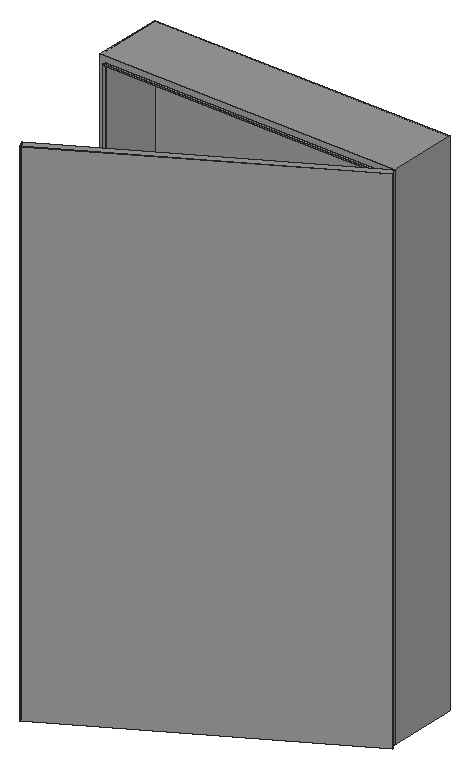
Revit family "Hager-Univers-IP44-D205-H1400-Cl.II-Encl-NoHosted-BE-en", category Equipement électrique, Revit 2020
Family settings
  Configuration du panneau = Deux colonnes, circuits au sein
  Cote de connecteur circulaire = Utiliser le diamètre
  Type d'élément = Tableau de raccordement
  Basée sur le plan de construction = Oui
  Toujours verticalement = Oui
  Couper avec des vides une fois chargée = Non
  Partagée = Non
  Point de calcul de pièce = Non
Parameters (values of type "Surface mounted (plaster) IP44 W800 H1400 D205  - FP93QS")
  Width Control [instance] = if([EF000008 - Width] > Min Width, [EF000008 - Width], Min Width)  # 800 mm
  Commentaires du type = [HG000003 - Range]  # "Univers"
  Thickness Door [instance] = if([EF009171 - Material plate thickness door/cover] > 3 mm, 3 mm, [EF009171 - Material plate thickness door/cover])  # 1 mm
  Seal Frame Offset [instance] = 17 mm  # constant formula
  Plinth Visibility [instance] = [HG000027 - Plinth height] > 0 mm  # no
  Min Width [instance] = 100 mm  # constant formula
  Min Depth [instance] = (2 * [EF009170 - Material plate thickness cabinet]) + 1 mm  # 3 mm
  Min Height [instance] = 100 mm  # constant formula
  Internal Frame Depth [instance] = (Door System Depth * 0.5)  # 9 mm
  Panel Name [instance] = ""  # (empty or 0)
  Model = ""
  HG000027 - Plinth height = 0 mm
  HG000026 - Floor standing = no
  HG000024 - Bottom section height = 600 mm
  HG000023 - Double section enclosure = no
  HG000016 - Door 3d visibility [instance] = yes
  HG000015 - Clearance visibility [instance] = no
  HG000014 - Door on the right [instance] = yes
  HG000013 - Door on the left [instance] = not([HG000014 - Door on the right])  # no
  HG000012 - Door swing angle [instance] = 30.00°
  HG000010 - Asymmetric doors = no
  HG000009 - Double swing door = no
  HG000006 - Flush mounted = no
  HG000004 - Manufacturer reference = "FP93QS"
  HG000003 - Range = "Univers"
  HG000002 - With door or cover = yes
  Frame Offset Bottom [instance] = 10 mm  # constant formula
  Frame Offset [instance] = 15 mm  # constant formula
  EF015940 - Cover with overpressure release = no
  EF011959 - Degree of protection (NEMA) = ""
  EF009554 - Number of openings for flange plates = 6
  EF009212 - Cover model = "EV000116 - Closed"
  EF009171 - Material plate thickness door/cover = 1 mm
  EF009170 - Material plate thickness cabinet = 1 mm
  EF008873 - Nominal current (In) = 250 A
  EF007800 - Suitable for lightning protection = no
  EF006306 - With lock = no
  EF006244 - Transparent cover/door = no
  EF005474 - Degree of protection (IP) = "EV006418 - IP44"
  EF004464 - Type of door = "EV002646 - Single"
  EF004427 - Number of modules = 324
  EF004293 - Impact strength = "EV006815 - IK09"
  EF003532 - Suitable for outdoor use = no
  EF002950 - Width in number of modular spacings = 36
  EF001613 - Circuit integrity = "EV000494 - None"
  EF001596 - Material housing = "EV000179 - Steel"
  EF001131 - Internal depth = 143 mm
  EF001088 - Extension possible = yes
  EF000437 - Number of conduit inlets = 6
  EF000339 - Type of cover = "EV001012 - Cover"
  EF000266 - Number of rows = 9
  EF000218 - Built-in depth = 0 mm
  EF000118 - With mounting plate = no
  EF000116 - RAL-number = "9010"
  EF000049 - Depth = 205 mm
  EF000040 - Height = 1400 mm
  EF000008 - Width = 800 mm
  EF000007 - Colour = "EV000202 - White"
  EF000003 - Mounting method = "EV000384 - Surface mounted (plaster)"
  Door System Leaf Tolerance [instance] = 1.5 mm  # constant formula
  Door System Depth [instance] = 18 mm  # constant formula
  Door Height [instance] = Height Control - [HG000027 - Plinth height]  # 1400 mm
  Description = ""
  Default Elevation = 1219.2 mm
  Connector Offset [instance] = Height Control / 2  # 700 mm
  Fabricant = "Hager"  # constant formula
  Height Control [instance] = if([EF000040 - Height] > Min Height, [EF000040 - Height], Min Height)  # 1400 mm
  Depth Control [instance] = if([EF000049 - Depth] > Min Depth, [EF000049 - Depth], Min Depth)  # 205 mm
  Bottom Top Plate Trim [instance] = 1.5 mm  # constant formula
  Plinth height Ctrl [instance] = if([HG000027 - Plinth height] > 0 mm, [HG000027 - Plinth height], 12 mm)  # 12 mm
Types (5, lengths in mm): name | Width Control | HG000009 - Double swing door | HG000004 - Manufacturer reference | EF009554 - Number of openings for flange plates | EF004464 - Type of door | EF004427 - Number of modules | EF002950 - Width in number of modular spacings | EF000437 - Number of conduit inlets | EF000008 - Width
  Surface mounted (plaster) IP44 W1050 H1400 D205  - FP94QS | 1050 | yes | "FP94QS" | 8 | "EV003602 - Double" | 432 | 48 | 8 | 1050
  Surface mounted (plaster) IP44 W1300 H1400 D205  - FP95QS | 1300 | yes | "FP95QS" | 10 | "EV003602 - Double" | 540 | 60 | 10 | 1300
  Surface mounted (plaster) IP44 W300 H1400 D205  - FP91QS | 300 | no | "FP91QS" | 2 | "EV002646 - Single" | 108 | 12 | 2 | 300
  Surface mounted (plaster) IP44 W550 H1400 D205  - FP92QS | 550 | no | "FP92QS" | 4 | "EV002646 - Single" | 216 | 24 | 4 | 550
  Surface mounted (plaster) IP44 W800 H1400 D205  - FP93QS | 800 | no | "FP93QS" | 6 | "EV002646 - Single" | 324 | 36 | 6 | 800
Reference planes
  plane 1 "Center (Front/Back)": y = 0
  plane 2: z = 0
  plane 3 "Center (Left/Right)": x = 0
  plane 4: y = 0
  plane 5: y = 0
  plane 6: z = 0
  plane 7: x = -400
  plane 8: x = 400
  plane 9: x = 399
  plane 10: x = -399
  plane 11: z = 0
  plane 12: z = 1
  plane 13: y = -205
  plane 14: y = -1
  plane 15: x = 0
  plane 16: y = -187
  plane 17: y = -204
  plane 18: y = -186
  plane 19: x = -384
  plane 20: x = 384
  plane 21: z = 11
  plane 22: x = -383
  plane 23: x = 383
  plane 24: z = 0
  plane 25: z = 1400
  plane 26: z = 1400
  plane 27: z = 1384
  plane 28: z = 1399
Forms (mm)
  Extrusion 1, solid, material "Hager_Steel_RAL7035_Light_Grey", detail levels medium+fine
    sketch origin (-208.679, -4572, 0) x (-1, 0, 0) y (0, -1, 0)
      loop
        line (191.321, -4385) -> (-608.679, -4385) -> (-608.679, -4572) -> (191.321, -4572) -> (191.321, -4385)
    from 0 to 1400
  Extrusion 2, void
    sketch origin (-350.771, -205, 1219.2) x (1, 0, 0) y (0, 0, 1)
      loop
        line (-48.229, 179.8) -> (-48.229, -1218.2) -> (749.771, -1218.2) -> (749.771, 179.8) -> (-48.229, 179.8)
    from -19 to -204
  Extrusion 3, void
    sketch origin (-290.084, -187, 1219.2) x (1, 0, 0) y (0, 0, 1)
      loop
        line (-93.916, -1208.2) -> (674.084, -1208.2) -> (674.084, 164.8) -> (-93.916, 164.8) -> (-93.916, -1208.2)
    from 0 to -1
  Extrusion 4, solid, material "Hager_Steel_RAL7035_Light_Grey", visible <- "Plinth Visibility", detail levels medium+fine
    sketch origin (0, 0, 0) x (1, 0, 0) y (0, 1, 0)
      loop
        line (-400, 0) -> (-400, -187) -> (400, -187) -> (400, 0) -> (-400, 0)
    from 0 to 12 <- "Plinth height Ctrl"
  Extrusion 5, solid, material "Hager_Steel_RAL7035_Light_Grey", detail levels coarse
    sketch origin (0, 0, 0) x (1, 0, 0) y (0, 1, 0)
      loop
        line (-400, 0) -> (-400, -205) -> (400, -205) -> (400, 0) -> (-400, 0)
    from 0 to 1400 <- "Height Control"
  Sweep 6, void
    path in 3D
      loop
        line (-400, -187, 12) -> (400, -187, 12) -> (400, 0, 12) -> (-400, 0, 12) -> (-400, -187, 12)
    profile origin (-400, -93.5, 12) x (1, 0, 0) y (0, 0, 1)
      loop
        line (0, 0) -> (0, -1.5) -> (1.5, -1.5)
        arc (1.5, -1.5) -> (1.061, -0.439) -> (0, 0) r 1.5
  Extrusion 7, solid, material "Hager_Steel_RAL7035_Light_Grey", detail levels fine
    sketch origin (-400, -187, 0) x (1, 0, 0) y (0, 0, 1)
      loop
        line (16, 11) -> (784, 11) -> (784, 1384) -> (16, 1384) -> (16, 11)
      loop
        line (15, 10) -> (785, 10) -> (785, 1385) -> (15, 1385) -> (15, 10)
    from 0 to 9 <- "Internal Frame Depth"
Cuts and joins
  Extrusion 2, Extrusion 3 cuts Extrusion 1
  Sweep 6 cuts Extrusion 4
Lines and regions (mm)
  Masking region 1
    outline origin (0, 0, 0) x (1, 0, 0) y (0, 1, 0)
      loop
        line (-400, 0) -> (-400, -205) -> (400, -205) -> (400, 0) -> (-400, 0)
  Masking region 2, detail levels coarse
    outline origin (-290.084, -187, 1219.2) x (-1, 0, 0) y (0, 0, 1)
      loop
        line (-690.084, -1219.2) -> (109.916, -1219.2) -> (109.916, 180.8) -> (-690.084, 180.8) -> (-690.084, -1219.2)
  Masking region 3, detail levels coarse
    outline origin (0, 0, 0) x (0, 1, 0) y (0, 0, 1)
      loop
        line (0, 0) -> (0, 1400) -> (-205, 1400) -> (-205, 0) -> (0, 0)
  Masking region 4, visible <- "Plinth Visibility", detail levels medium+fine
    outline origin (0, 0, 0) x (0, 1, 0) y (0, 0, 1)
      loop
        line (-1.5, 12) -> (-185.5, 12)
        arc (-185.5, 12) -> (-185.939, 10.939) -> (-187, 10.5) r 1.5
        line (-187, 10.5) -> (-187, 0) -> (0, 0) -> (0, 10.5)
        arc (0, 10.5) -> (-1.061, 10.939) -> (-1.5, 12) r 1.5
  Masking region 5, detail levels medium+fine
    outline origin (0, 0, 594.038) x (0, 1, 0) y (0, 0, 1)
      loop
        line (0, -594.038) -> (0, 805.962) -> (-187, 805.962) -> (-187, -594.038) -> (0, -594.038)
  Masking region 6, detail levels medium+fine
    outline origin (-359.7, -187, 1211.883) x (-1, 0, 0) y (0, 0, 1)
      loop
        line (-759.7, -1211.883) -> (40.3, -1211.883) -> (40.3, 188.117) -> (-759.7, 188.117) -> (-759.7, -1211.883)
  Masking region 7, visible <- "Plinth Visibility", detail levels medium+fine
    outline origin (-320.334, -187, 1041.368) x (-1, 0, 0) y (0, 0, 1)
      loop
        line (-720.334, -1041.368) -> (79.666, -1041.368) -> (79.666, -1030.868)
        arc (79.666, -1030.868) -> (78.606, -1030.429) -> (78.166, -1029.368) r 1.5
        line (78.166, -1029.368) -> (-718.834, -1029.368)
        arc (-718.834, -1029.368) -> (-719.273, -1030.429) -> (-720.334, -1030.868) r 1.5
        line (-720.334, -1030.868) -> (-720.334, -1041.368)
  sketch lines
    curve 1: line (-400, 0, 12) -> (-400, -187, 12)
    curve 2: line (-400, -187, 12) -> (400, -187, 12)
    curve 3: line (400, 0, 12) -> (-400, 0, 12)
    curve 4: line (400, -187, 12) -> (400, 0, 12)
Dimensions and locks
  locked: plane 1 "Center (Front/Back)" to plane 5
  "EF009170 - Material plate thickness cabinet": plane 7 to plane 10
  "EF009170 - Material plate thickness cabinet": plane 8 to plane 9
  equal spacing: plane 7, plane 3 "Center (Left/Right)", plane 8
  "Width Control": plane 7 to plane 8
  "Depth Control": plane 4 to plane 13
  "EF009170 - Material plate thickness cabinet": plane 4 to plane 14
  "Height Control": plane 25 to level
  "HG000027 - Plinth height": plane 11 to level
  "EF009170 - Material plate thickness cabinet": plane 12 to plane 11
  "EF009170 - Material plate thickness cabinet": plane 17 to plane 13
  "EF009170 - Material plate thickness cabinet": plane 18 to plane 16
  "Frame Offset Bottom": plane 21 to plane 12
  "Frame Offset": plane 10 to plane 19
  "Frame Offset": plane 9 to plane 20
  "Door System Depth": plane 16 to plane 13
  "Seal Frame Offset": plane 7 to plane 22
  "Seal Frame Offset": plane 8 to plane 23
  "EF009170 - Material plate thickness cabinet": plane 26 to plane 28
  "Frame Offset": plane 28 to plane 27
  "Connector Offset": plane 2 to connector elem
  "Bottom Top Plate Trim": profile plane to Sweep 6 sketch curve
  "Bottom Top Plate Trim": Sweep 6 sketch curve to Sweep 6 sketch curve
  "Plinth height Ctrl": Masking region 4 sketch curve to level
  "Plinth height Ctrl": Masking region 7 sketch curve to level
  "Thickness Door": Extrusion 7 sketch curve to Extrusion 7 sketch curve  (x4)
  "Bottom Top Plate Trim": radius of Sweep 6 sketch curve
  "Bottom Top Plate Trim": radius of Masking region 4 sketch curve  (x2)
  "Bottom Top Plate Trim": radius of Masking region 7 sketch curve  (x2)
  aligned and locked: Extrusion 2 sketch curve to plane 12
  aligned and locked: Extrusion 2 sketch curve to plane 9
  aligned and locked: Extrusion 2 sketch curve to plane 10
  aligned and locked: Extrusion 2 to plane 14
  aligned and locked: Extrusion 1 sketch curve to plane 4
  aligned and locked: plane 8 to Extrusion 1 sketch curve
  aligned and locked: plane 7 to Extrusion 1 sketch curve
  aligned and locked: Extrusion 2 to plane 18
  aligned and locked: Extrusion 3 sketch curve to plane 19
  aligned and locked: plane 20 to Extrusion 3 sketch curve
  aligned and locked: Extrusion 3 to Extrusion 2
  aligned and locked: Extrusion 3 sketch curve to plane 21
  aligned and locked: plane 3 "Center (Left/Right)" to nested 1
  aligned and locked: Extrusion 1 sketch curve to plane 16
  aligned and locked: Extrusion 4 sketch curve to cut or joined group of Extrusion 1, Extrusion 2, Extrusion 3
  aligned and locked: Masking region 1 sketch curve to plane 7
  aligned and locked: Masking region 1 sketch curve to plane 5
  aligned and locked: Masking region 1 sketch curve to plane 8
  aligned and locked: Masking region 2 sketch curve to level
  aligned and locked: level to Masking region 3 sketch curve
  aligned and locked: plane 1 "Center (Front/Back)" to Masking region 3 sketch curve
  aligned and locked: plane 13 to Masking region 3 sketch curve
  aligned and locked: plane 5 to Masking region 4 sketch curve
  aligned and locked: Masking region 2 sketch curve to plane 8
  aligned and locked: Masking region 2 sketch curve to plane 7
  aligned and locked: plane 7 to nested 2
  aligned and locked: nested 2 to plane 5
  aligned and locked: plane 5 to Masking region 5 sketch curve
  aligned and locked: plane 26 to Masking region 5 sketch curve
  aligned and locked: Extrusion 5 sketch curve to plane 8
  aligned and locked: Extrusion 5 sketch curve to plane 7
  aligned and locked: Extrusion 5 sketch curve to plane 5
  aligned and locked: Extrusion 3 sketch curve to plane 27
  aligned and locked: Extrusion 2 sketch curve to plane 28
  aligned and locked: Masking region 2 to plane 25
  aligned and locked: Extrusion 4 to plane 16
  aligned and locked: profile plane to Sweep 6 sketch curve
  aligned and locked: Masking region 5 sketch curve to plane 24
  aligned and locked: level to Masking region 4 sketch curve
  aligned and locked: Masking region 1 to plane 13
  aligned and locked: nested 1 to plane 16
  aligned and locked: Masking region 3 to plane 25
  aligned and locked: plane 16 to Masking region 4 sketch curve
  aligned and locked: Masking region 5 sketch curve to plane 16
  aligned and locked: plane 24 to plane 11
  aligned and locked: plane 26 to plane 25
  aligned and locked: plane 26 to cut or joined group of Extrusion 1, Extrusion 2, Extrusion 3
  aligned and locked: nested 1 to plane 24
  aligned and locked: Extrusion 1 to Extrusion 3
  aligned and locked: Masking region 6 sketch curve to plane 8
  aligned and locked: Masking region 6 sketch curve to plane 24
  aligned and locked: Masking region 6 sketch curve to plane 7
  aligned and locked: Masking region 6 sketch curve to plane 26
  aligned and locked: Masking region 7 sketch curve to plane 7
  aligned and locked: level to Masking region 7 sketch curve
  aligned and locked: Masking region 7 sketch curve to plane 8
  aligned and locked: Extrusion 7 sketch curve to cut or joined group of Extrusion 1, Extrusion 2, Extrusion 3  (x4)
Automatic sketch dimensions
  plane 19 to Extrusion 3 sketch curve = 0 mm
  Extrusion 3 sketch curve to plane 20 = 0 mm
  Extrusion 3 sketch curve to plane 21 = 0 mm
  Extrusion 4 sketch curve to plane 7 = 0 mm
  Extrusion 4 sketch curve to plane 8 = 0 mm
  Extrusion 4 sketch curve to plane 16 = 0 mm
  Masking region 1 sketch curve to plane 13 = 0 mm
  Masking region 2 sketch curve to plane 25 = 0 mm
  Masking region 3 sketch curve to plane 25 = 0 mm
  Extrusion 5 sketch curve to plane 13 = 0 mm
  profile plane to Sweep 6 sketch curve = 0 mm
Nested families
  nested 1: "EC000058_Univers_Door" at (0, -187, 0), Double <- "HG000009 - Double swing door", Transparent <- "EF006244 - Transparent cover/door", Angle <- "HG000012 - Door swing angle", Door_Right <- "HG000014 - Door on the right", Assymetrical <- "HG000010 - Asymmetric doors", Door <- "HG000002 - With door or cover", Width_Ctrl <- "Width Control", 3d_Door <- "HG000016 - Door 3d visibility", Clearance <- "HG000015 - Clearance visibility", Door_Left <- "HG000013 - Door on the left", Width <- "Width Control", Door_Depth <- "Door System Depth", Leaf_Tolerance <- "Door System Leaf Tolerance", Height <- "Door Height", Lock_Visibility <- "EF006306 - With lock", Thickness <- "Thickness Door", type "EC000058_Univers_Door", detail levels medium+fine
    with min_wh 3 mm, Width_Ctrl 800 mm, Width 800 mm, Transparent no, Thickness 1 mm, Seal_Material Hager_Rubber, Lock_Visibility no, Lock_Material Hager_Plastic_RAL9005_Jet_Black, Leaf_Width 800 mm, Leaf_Tolerance_External_Sides 0 mm, Leaf_Tolerance 1.5 mm, Leaf_Offset 0 mm, Leaf_Height 1397 mm, Leaf_2_Width 800 mm, Leaf_2_Offset 400 mm, Leaf_1_Width 800 mm, Leaf_1_Offset 400 mm, Height_Ctrl 1400 mm, Height 1400 mm, Glass_Material Hager_Glass, Double_Clearance_Ctrl no, Double no, Door_Right_Ctrl yes, Door_Right yes, Door_Material Hager_Steel_RAL7035_Light_Grey, Door_Left_Ctrl no, Door_Left no, Door_Depth 18 mm, Door yes, Clearance_Material Hager_Clearance, Clearance_Depth 800 mm, Clearance_Ctrl no, Clearance no, Assymetrical no, Angle 30.00°, 3d_Door yes
  nested 2: "Hager_Enclosure_Symbol" at (-400, 0, 0), Height <- "Depth Control", Width <- "Width Control", type "Hager_Enclosure_Symbol"
    with Width_Ctrl 800 mm, Width 800 mm, Height_Ctrl 205 mm, Height 205 mm, A_Width_Int 13.453 mm, A_Width 161.438 mm, A_Height_Ctrl 179.375 mm, A_Height 179.375 mm
Connectors
  electrical at (0, 0, 700)
    settings: on plane 1 "Center (Front/Back)", index 1, voltage 0 V, apparent load 0 VA, apparent load phase1 0 VA, apparent load phase2 0 VA, apparent load phase3 0 VA, power factor 1, load classification "Other", number of poles 1, system type 30, power factor state 1, is connector primary yes, connector utility no, sub classification motor no, connector description ""
Definition of nested family "EC000058_Univers_Door"
  Parameters (values of type "EC000058_Univers_Door")
    min_wh [instance] = (2 * Thickness) + 1 mm  # 11 mm
    Width_Ctrl [instance] = 400 mm
    Width [instance] = 500 mm
    Transparent [instance] = yes
    Thickness [instance] = 5 mm
    Seal_Material [instance] = none
    Lock_Visibility [instance] = yes
    Lock_Material [instance] = none
    Leaf_Width [instance] = if((Width_Ctrl - 2 * Leaf_Tolerance_External_Sides) > 0 mm, (Width_Ctrl - 2 * Leaf_Tolerance_External_Sides), min_wh)  # 400 mm
    Leaf_Tolerance_External_Sides [instance] = 0 mm  # constant formula
    Leaf_Tolerance [instance] = 1.5 mm
    Leaf_Offset [instance] = 0 mm  # constant formula
    Leaf_Height [instance] = if((Height_Ctrl - 2 * Leaf_Tolerance) > 0 mm, (Height_Ctrl - 2 * Leaf_Tolerance), min_wh)  # 497 mm
    Leaf_2_Width [instance] = if(and(and(Double, Assymetrical), Door_Left), (Leaf_Width / 3) - (Leaf_Tolerance / 2), if(and(and(Double, Assymetrical), Door_Right), (Leaf_Width / 3) * 2 - (Leaf_Tolerance / 2), if(and(Double, not(Assymetrical)), (Leaf_Width / 2) - Leaf_Tolerance, Leaf_Width)))  # 400 mm
    Leaf_2_Offset [instance] = if(and(Double, Assymetrical), Leaf_2_Width / 2, if(and(Double, not(Assymetrical)), Leaf_Width / 4, Leaf_Width / 2))  # 200 mm
    Leaf_1_Width [instance] = if(and(and(Double, Assymetrical), Door_Right), (Leaf_Width / 3) - (Leaf_Tolerance / 2), if(and(and(Double, Assymetrical), Door_Left), (Width / 3) * 2 - (Leaf_Tolerance / 2), if(and(Double, not(Assymetrical)), (Leaf_Width / 2) - Leaf_Tolerance, Leaf_Width)))  # 400 mm
    Leaf_1_Offset [instance] = if(and(Double, Assymetrical), Leaf_1_Width / 2, if(and(Double, not(Assymetrical)), Leaf_Width / 4, Leaf_Width / 2))  # 200 mm
    Height_Ctrl [instance] = if(Height > min_wh, Height, min_wh)  # 500 mm
    Height [instance] = 500 mm
    Glass_Material [instance] = none
    Double_Clearance_Ctrl [instance] = and(Double, Clearance)  # no
    Double [instance] = no
    Door_Right_Ctrl [instance] = and(or(Door_Right, Double), Door)  # yes
    Door_Right [instance] = yes
    Door_Material [instance] = none
    Door_Left_Ctrl [instance] = and(or(Door_Left, Double), Door)  # no
    Door_Left [instance] = no
    Door_Depth [instance] = 30 mm
    Door [instance] = yes
    Default Elevation = 1219.2 mm
    Clearance_Material [instance] = none
    Clearance_Depth [instance] = if(Leaf_1_Width > Leaf_2_Width, Leaf_1_Width, Leaf_2_Width)  # 400 mm
    Clearance_Ctrl [instance] = and(not(Double), Clearance)  # yes
    Clearance [instance] = yes
    Assymetrical [instance] = yes
    Angle [instance] = 30.00°
    3d_Door [instance] = yes
  Reference planes
    plane 1 "Center (Front/Back)": y = 0
    plane 2 "Bottom": z = 0
    plane 3 "Center (Left/Right)": x = 0
    plane 4: z = 500
    plane 5: x = -200
    plane 6: x = 200
    plane 7: z = 500
    plane 8: x = -200
    plane 9: z = 0
    plane 10: x = 200
    plane 11: y = 0
    plane 12: z = 1.5
    plane 13: x = -600
    plane 14: y = -400
    plane 15: x = 600
    plane 16: x = 0
    plane 17: x = 0
    plane 18: x = -200
    plane 19: x = 200
    plane 20: z = 498.5
  Forms (mm)
    Extrusion 1, solid, material <- "Clearance_Material", visible <- "Double_Clearance_Ctrl"
      sketch origin (1200, 0, 0) x (1, 0, 0) y (0, 0, -1)
        loop
          line (-1800, -498.5) -> (-600, -498.5) -> (-600, 0) -> (-1800, 0) -> (-1800, -498.5)
      from 0 to -400
  Dimensions and locks
    equal spacing: plane 5, plane 3 "Center (Left/Right)", plane 6
    "Width_Ctrl": plane 5 to plane 6
    "Leaf_Offset": plane 5 to plane 8
    "Leaf_Offset": plane 6 to plane 10
    "Leaf_Offset": plane 9 to level
    "Leaf_Offset": plane 4 to plane 7
    "Height_Ctrl": plane 4 to level
    "Leaf_Tolerance": plane 12 to plane 9
    locked: plane 11 to plane 1 "Center (Front/Back)"
    "Leaf_1_Offset": plane 18 to plane 16
    "Leaf_2_Offset": plane 17 to plane 19
    "Leaf_1_Width": plane 13 to plane 8
    "Leaf_2_Width": plane 10 to plane 15
    "Clearance_Depth": plane 14 to plane 1 "Center (Front/Back)"
    "Leaf_Tolerance_External_Sides": plane 8 to plane 18
    "Leaf_Tolerance_External_Sides": plane 19 to plane 10
    "Leaf_Tolerance": plane 7 to plane 20
    aligned and locked: level to plane 2 "Bottom"
    aligned and locked: nested 1 to plane 16
    aligned and locked: nested 2 to plane 17
    aligned and locked: Extrusion 1 to plane 13
    aligned and locked: plane 15 to Extrusion 1
    aligned and locked: Extrusion 1 to plane 14
    aligned and locked: plane 12 to nested 1
    aligned and locked: nested 2 to plane 12
    aligned and locked: Extrusion 1 to plane 11
    aligned and locked: plane 20 to Extrusion 1
    aligned and locked: nested 2 to plane 11
    aligned and locked: nested 1 to plane 11
  Automatic sketch dimensions
    Extrusion 1 sketch curve to level = 0 mm
    plane 5 to Extrusion 1 sketch curve = 400 mm
    plane 6 to Extrusion 1 sketch curve = 400 mm
    Extrusion 1 sketch curve to plane 4 = 1.5 mm
  Nested families
    nested 1: "EC000058_Univers_Door_Leaf" at (0, 0, 1.5), Width <- "Leaf_1_Width", visible <- "Door_Left_Ctrl", Leaf_Height <- "Leaf_Height", Angle <- "Angle", 3d_Door <- "3d_Door", Transparent <- "Transparent", Clearance Material <- "Clearance_Material", Clearance <- "Clearance_Ctrl", Door_Material <- "Door_Material", Glass_Material <- "Glass_Material", Door_Depth <- "Door_Depth", Lock_Material <- "Lock_Material", Seal_Material <- "Seal_Material", Lock_Visibility <- "Lock_Visibility", Thickness <- "Thickness", type "EC000058_Univers_Door_Leaf"
      with Width 400 mm, Transparent_Glass_Offset 30 mm, Transparent_Ctrl yes, Transparent yes, Thickness 5 mm, Standard no, Seal_Material none, Seal_D2 8 mm, Seal_D1 1 mm, Offset_Internal_Frame 10 mm, Lock_Width 20 mm, Lock_Visibility_3d yes, Lock_Visibility yes, Lock_Thickness_3 3 mm, Lock_Thickness_2 1 mm, Lock_Thickness_1 3 mm, Lock_Radius_Offset_2 16 mm, Lock_Radius_Offset_1 15 mm, Lock_Radius_2 5 mm, Lock_Radius 6 mm, Lock_Offset 5 mm, Lock_Material none, Lock_Height 80 mm, Lock_Cover_Top_Offset_2d 17 mm, Lock_Cover_Height -65 mm, Leaf_Height 497 mm, Internal_Seal_Thickness 8 mm, Internal_Seal_Depth_2 4.5 mm, Internal_Frame_Depth 25 mm, Glass_Thickness -1 mm, Glass_Offset -2 mm, Glass_Material none, Door_Material none, Door_Depth 30 mm, Clearance Material none, Clearance yes, Angle_Ctrl 30.00°, Angle 30.00°, 3d_Door yes
    nested 2: "EC000058_Univers_Door_Leaf" at (0, 0, 1.5) x (-1, 0, 0) z (0, 0, 1), Width <- "Leaf_2_Width", visible <- "Door_Right_Ctrl", Leaf_Height <- "Leaf_Height", Angle <- "Angle", 3d_Door <- "3d_Door", Transparent <- "Transparent", Clearance Material <- "Clearance_Material", Clearance <- "Clearance_Ctrl", Door_Material <- "Door_Material", Glass_Material <- "Glass_Material", Door_Depth <- "Door_Depth", Lock_Material <- "Lock_Material", Seal_Material <- "Seal_Material", Lock_Visibility <- "Lock_Visibility", Thickness <- "Thickness", type "EC000058_Univers_Door_Leaf"
      with Width 400 mm, Transparent_Glass_Offset 30 mm, Transparent_Ctrl yes, Transparent yes, Thickness 5 mm, Standard no, Seal_Material none, Seal_D2 8 mm, Seal_D1 1 mm, Offset_Internal_Frame 10 mm, Lock_Width 20 mm, Lock_Visibility_3d yes, Lock_Visibility yes, Lock_Thickness_3 3 mm, Lock_Thickness_2 1 mm, Lock_Thickness_1 3 mm, Lock_Radius_Offset_2 16 mm, Lock_Radius_Offset_1 15 mm, Lock_Radius_2 5 mm, Lock_Radius 6 mm, Lock_Offset 5 mm, Lock_Material none, Lock_Height 80 mm, Lock_Cover_Top_Offset_2d 17 mm, Lock_Cover_Height -65 mm, Leaf_Height 497 mm, Internal_Seal_Thickness 8 mm, Internal_Seal_Depth_2 4.5 mm, Internal_Frame_Depth 25 mm, Glass_Thickness -1 mm, Glass_Offset -2 mm, Glass_Material none, Door_Material none, Door_Depth 30 mm, Clearance Material none, Clearance yes, Angle_Ctrl 30.00°, Angle 30.00°, 3d_Door yes
  Definition of nested family "EC000058_Univers_Door_Leaf"
    Parameters (values of type "EC000058_Univers_Door_Leaf")
      Width [instance] = 2000 mm
      Transparent_Glass_Offset [instance] = 30 mm
      Transparent_Ctrl [instance] = and(Transparent, [3d_Door])  # yes
      Transparent [instance] = yes
      Thickness [instance] = 5 mm
      Standard [instance] = and(not(Transparent), [3d_Door])  # no
      Seal_Material [instance] = none
      Seal_D2 [instance] = 8 mm  # constant formula
      Seal_D1 [instance] = 1 mm  # constant formula
      Offset_Internal_Frame [instance] = 10 mm  # constant formula
      Lock_Width [instance] = 20 mm  # constant formula
      Lock_Visibility_3d [instance] = and(Lock_Visibility, [3d_Door])  # yes
      Lock_Visibility [instance] = yes
      Lock_Thickness_3 [instance] = 3 mm  # constant formula
      Lock_Thickness_2 [instance] = 1 mm  # constant formula
      Lock_Thickness_1 [instance] = 3 mm  # constant formula
      Lock_Radius_Offset_2 [instance] = Lock_Radius_Offset_1 + 1 mm  # 16 mm
      Lock_Radius_Offset_1 [instance] = 15 mm  # constant formula
      Lock_Radius_2 [instance] = Lock_Radius - 1 mm  # 5 mm
      Lock_Radius [instance] = 6 mm  # constant formula
      Lock_Offset [instance] = 5 mm  # constant formula
      Lock_Material [instance] = none
      Lock_Height [instance] = 80 mm  # constant formula
      Lock_Cover_Top_Offset_2d [instance] = Lock_Radius_Offset_2 + 1 mm  # 17 mm
      Lock_Cover_Height [instance] = -(Lock_Height - Lock_Radius_Offset_1)  # -65 mm
      Leaf_Height [instance] = 2720.336 mm
      Internal_Seal_Thickness [instance] = 8 mm  # constant formula
      Internal_Seal_Depth_2 [instance] = 4.5 mm  # constant formula
      Internal_Frame_Depth [instance] = if(Door_Depth - Thickness > 5 mm, Door_Depth - Thickness, 5 mm)  # 25 mm
      Glass_Thickness [instance] = if(Thickness > 15 mm, Glass_Offset + 10 mm, -1 mm)  # -1 mm
      Glass_Offset [instance] = if(Thickness > 15 mm, -(Thickness + 10 mm) / 2, -2 mm)  # -2 mm
      Glass_Material [instance] = none
      Door_Material [instance] = none
      Door_Depth [instance] = 30 mm
      Default Elevation = 0 mm
      Clearance Material [instance] = none
      Clearance [instance] = yes
      Angle_Ctrl [instance] = if(Angle > 180.00°, 180.00°, Angle)  # 90.00°
      Angle [instance] = 90.00°
      3d_Door [instance] = yes
    Reference planes
      plane 1 "Center (Front/Back)": y = 0
      plane 2: z = 0
      plane 3 "Center (Left/Right)": x = 0
      plane 4: y = 2000
      plane 5: x = -1000
      plane 6: x = 1000
      plane 7: x = -3000
      plane 8: z = 2720.336
      plane 9: z = 30
      plane 10: z = 2690.336
      plane 11: x = 970
      plane 12: x = -970
      plane 13: y = -3
      plane 14: z = 107.833
      plane 15: y = -5
      plane 16: y = -223.314
      plane 17: x = -1000
      plane 18: z = 1360.168
      plane 19: y = 30
    Forms (mm)
      Extrusion 1, solid, material <- "Clearance Material", visible <- "Clearance"
        sketch origin (0, 0, 0) x (1, 0, 0) y (0, 0, 1)
          loop
            line (-3000, 2720.336) -> (-3000, 0) -> (1000, 0) -> (1000, 2720.336) -> (-3000, 2720.336)
        from 0 to -2000
      Extrusion 2, solid, material <- "Door_Material", visible <- "Standard", detail levels medium+fine
        sketch origin (-1000, 0, 0) x (0, 1, 0) y (-1, 0, 0)
          loop
            line (0, 30) -> (0, 25) -> (2000, 25) -> (2000, 30) -> (0, 30)
        from 0 to 2720.336 <- "Leaf_Height"
      Extrusion 3, solid, material <- "Door_Material", visible <- "Transparent_Ctrl", detail levels medium+fine
        sketch origin (-1000, 0, 0) x (0, 1, 0) y (-1, 0, 0)
          loop
            line (0, 25) -> (2000, 25) -> (2000, 30) -> (0, 30) -> (0, 25)
        from 0 to 2720.336 <- "Leaf_Height"
      Extrusion 4, void
        sketch origin (-1025, 2000, 0) x (0, 1, 0) y (0, 0, -1)
          loop
            line (-30, -2690.336) -> (-30, -30) -> (-1970, -30) -> (-1970, -2690.336) -> (-30, -2690.336)
        from 0 to 5 <- "Thickness"
      Sweep 5, solid, material <- "Seal_Material", visible <- "Transparent_Ctrl", detail levels fine
        path in 3D
          loop
            line (-1025, 30, 30) -> (-1025, 30, 2690.336) -> (-1025, 1970, 2690.336) -> (-1025, 1970, 30) -> (-1025, 30, 30)
        profile origin (-1025, 1000, 30) x (1, 0, 0) y (0, 0, 1)
          loop
            line (0, 0) -> (0, -8) -> (1, -8) -> (1, 0) -> (0, 0)
      Extrusion 6, solid, material <- "Glass_Material", visible <- "Transparent_Ctrl", detail levels medium+fine
        sketch origin (-1030, 0, 0) x (0, 1, 0) y (0, 0, -1)
          loop
            line (1970, -2690.336) -> (1970, -30) -> (30, -30) -> (30, -2690.336) -> (1970, -2690.336)
        from -2 <- "Glass_Offset" to -1 <- "Glass_Thickness"
      Extrusion 7, solid, material <- "Door_Material", visible <- "3d_Door", detail levels medium+fine
        sketch origin (-1025, 2000, 0) x (0, -1, 0) y (0, 0, -1)
          loop
            line (0, -2720.336) -> (2000, -2720.336) -> (2000, 0) -> (0, 0) -> (0, -2720.336)
          loop
            line (1995, -5) -> (5, -5) -> (5, -2715.336) -> (1995, -2715.336) -> (1995, -5)
        from 0 to 25 <- "Internal_Frame_Depth"
      Sweep 8, solid, material <- "Seal_Material", visible <- "Transparent_Ctrl", detail levels fine
        path in 3D
          loop
            line (-1025, 0, 0) -> (-1025, 2000, 0) -> (-1025, 2000, 2720.336) -> (-1025, 0, 2720.336) -> (-1025, 0, 0)
        profile origin (-1025, 0, 1360.168) x (1, 0, 0) y (0, 1, 0)
          loop
            line (0, 10) -> (2.975, 10)
            arc (2.975, 10) -> (4.053, 10.447) -> (4.5, 11.525) r 1.525
            line (4.5, 11.525) -> (4.5, 16.527)
            arc (4.5, 16.527) -> (4.069, 17.569) -> (3.027, 18) r 1.473
            line (3.027, 18) -> (0, 18) -> (0, 10)
      Extrusion 9, solid, material <- "Lock_Material", visible <- "Lock_Visibility_3d", detail levels fine
        sketch origin (-1030, 0, 0) x (0, 1, 0) y (0, 0, -1)
          loop
            arc (1993.5, -1400.168) -> (1994.561, -1399.729) -> (1995, -1398.668) r 1.5
            line (1995, -1398.668) -> (1995, -1320.168) -> (1975, -1320.168) -> (1975, -1398.668)
            arc (1975, -1398.668) -> (1975.439, -1399.729) -> (1976.5, -1400.168) r 1.5
            line (1976.5, -1400.168) -> (1993.5, -1400.168)
        from 3 <- "Lock_Thickness_1" to 0
      Blend 10, solid, material <- "Lock_Material", visible <- "Lock_Visibility_3d", detail levels fine
        base sketch origin (-1033, 0, 0) x (0, 1, 0) y (0, 0, -1)
          loop
            line (1975, -1320.168) -> (1975, -1398.668)
            arc (1975, -1398.668) -> (1975.439, -1399.729) -> (1976.5, -1400.168) r 1.5
            line (1976.5, -1400.168) -> (1993.5, -1400.168)
            arc (1993.5, -1400.168) -> (1994.561, -1399.729) -> (1995, -1398.668) r 1.5
            line (1995, -1398.668) -> (1995, -1320.168) -> (1975, -1320.168)
        top sketch origin (-1033, 0, 0) x (0, 1, 0) y (0, 0, -1)
          loop
            line (1976, -1320.168) -> (1976, -1398.668)
            arc (1976, -1398.668) -> (1976.146, -1399.022) -> (1976.5, -1399.168) r 0.5
            line (1976.5, -1399.168) -> (1993.5, -1399.168)
            arc (1993.5, -1399.168) -> (1993.854, -1399.022) -> (1994, -1398.668) r 0.5
            line (1994, -1398.668) -> (1994, -1320.168) -> (1976, -1320.168)
        from 0 to 1 <- "Lock_Thickness_2"
      Blend 11, solid, material <- "Lock_Material", visible <- "Lock_Visibility_3d", detail levels fine
        base sketch origin (-1034, 0, 0) x (0, 1, 0) y (0, 0, -1)
          loop
            line (1978, -1320.168) -> (1978, -1384.168)
            arc (1978, -1384.168) -> (1985, -1391.168) -> (1992, -1384.168) r 7
            line (1992, -1384.168) -> (1992, -1320.168) -> (1978, -1320.168)
        top sketch origin (-1034, 0, 0) x (0, 1, 0) y (0, 0, -1)
          loop
            line (1991, -1320.168) -> (1979, -1320.168) -> (1979, -1383.168)
            arc (1979, -1383.168) -> (1985, -1389.168) -> (1991, -1383.168) r 6
            line (1991, -1383.168) -> (1991, -1320.168)
        from 0 to 3 <- "Lock_Thickness_3"
      Extrusion 12, solid, material <- "Lock_Material", visible <- "Lock_Visibility_3d", detail levels fine
        sketch origin (-1030, 1975, 1320.168) x (1, 0, 0) y (0, -1, 0)
          loop
            line (-7, -19) -> (-7, -1) -> (0, -1) -> (0, 0) -> (-8, 0) -> (-8, -20) -> (0, -20) -> (0, -19) -> (-7, -19)
        from 0 to -65 <- "Lock_Cover_Height"
      Extrusion 13, void
        sketch origin (-1038, 1995, 1320.168) x (-1, 0, 0) y (0, 0, -1)
          loop
            line (-5, -65) -> (0, -65) -> (-5, -60) -> (-5, -65)
        from 0 to 20 <- "Lock_Width"
      Extrusion 14, void
        sketch origin (-1038, 1975, 1320.168) x (0, -1, 0) y (0, 0, -1)
          loop
            circle (-10, -15.995) r 6
          loop
            circle (-10, -15.995) r 5
        from 0 to 2
      Extrusion 15, solid, material <- "Lock_Material", visible <- "Lock_Visibility_3d", detail levels medium
        sketch origin (-1030, 0, 0) x (0, 1, 0) y (0, 0, -1)
          loop
            arc (1993.5, -1400.168) -> (1994.561, -1399.729) -> (1995, -1398.668) r 1.5
            line (1995, -1398.668) -> (1995, -1320.168) -> (1975, -1320.168) -> (1975, -1398.668)
            arc (1975, -1398.668) -> (1975.439, -1399.729) -> (1976.5, -1400.168) r 1.5
            line (1976.5, -1400.168) -> (1993.5, -1400.168)
        from 8 to 0
    Cuts and joins
      Extrusion 4 cuts Extrusion 3
      Extrusion 13, Extrusion 14 cuts Extrusion 9
      Extrusion 14 cuts Blend 11
      Extrusion 13, Extrusion 14 cuts Extrusion 12
      joined: Extrusion 9, Blend 10, Blend 11, Extrusion 12
      Extrusion 14 cuts Extrusion 15
    Lines and regions (mm)
      Masking region 1, visible <- "Lock_Visibility", detail levels fine
        outline origin (0, 0, 0) x (0, 1, 0) y (0, 0, 1)
          loop
            line (30, 1320.168) -> (33, 1320.168) -> (33, 1400.168) -> (30, 1400.168) -> (30, 1320.168)
      Masking region 2, visible <- "Lock_Visibility", detail levels fine
        outline origin (0, 3.143, 0) x (0, 1, 0) y (0, 0, 1)
          loop
            line (29.857, 1354.168) -> (30.857, 1354.168) -> (30.857, 1366.168) -> (29.857, 1366.168) -> (29.857, 1354.168)
      Masking region 3, detail levels medium+fine
        outline origin (0, 0, 0) x (0, 1, 0) y (0, 0, 1)
          loop
            line (0, 0) -> (30, 0) -> (30, 2720.336) -> (0, 2720.336) -> (0, 0)
      Masking region 4, detail levels medium+fine
        outline origin (0, 0, 0) x (1, 0, 0) y (0, 0, 1)
          loop
            line (-1000, 2720.336) -> (-1000, 0) -> (1000, 0) -> (1000, 2720.336) -> (-1000, 2720.336)
      Masking region 5, visible <- "Lock_Visibility", detail levels fine
        outline origin (-47.116, 0, 0) x (1, 0, 0) y (0, 0, 1)
          loop
            arc (1024.616, 1399.168) -> (1023.556, 1398.729) -> (1023.116, 1397.668) r 1.5
            line (1023.116, 1397.668) -> (1023.116, 1320.168) -> (1041.116, 1320.168) -> (1041.116, 1397.668)
            arc (1041.116, 1397.668) -> (1040.677, 1398.729) -> (1039.616, 1399.168) r 1.5
            line (1039.616, 1399.168) -> (1024.616, 1399.168)
      Masking region 6, visible <- "Lock_Visibility", detail levels medium+fine
        outline origin (-25, 0, 0) x (1, 0, 0) y (0, 0, 1)
          loop
            arc (1001.5, 1400.168) -> (1000.439, 1399.729) -> (1000, 1398.668) r 1.5
            line (1000, 1398.668) -> (1000, 1320.168) -> (1020, 1320.168) -> (1020, 1398.668)
            arc (1020, 1398.668) -> (1019.561, 1399.729) -> (1018.5, 1400.168) r 1.5
            line (1018.5, 1400.168) -> (1001.5, 1400.168)
      Masking region 7, visible <- "Lock_Visibility", detail levels fine
        outline origin (-73.735, 0, 0) x (1, 0, 0) y (0, 0, 1)
          loop
            line (1051.735, 1382.168) -> (1065.735, 1382.168) -> (1065.735, 1384.168)
            arc (1065.735, 1384.168) -> (1058.735, 1391.168) -> (1051.735, 1384.168) r 7
            line (1051.735, 1384.168) -> (1051.735, 1382.168)
      Masking region 8, visible <- "Lock_Visibility", detail levels fine
        outline origin (-73.735, 0, 0) x (1, 0, 0) y (0, 0, 1)
          loop
            line (1052.735, 1382.168) -> (1064.735, 1382.168) -> (1064.735, 1383.168)
            arc (1064.735, 1383.168) -> (1058.735, 1389.168) -> (1052.735, 1383.168) r 6
            line (1052.735, 1383.168) -> (1052.735, 1382.168)
      Masking region 9, visible <- "Lock_Visibility", detail levels fine
        outline origin (-25, 0, 0) x (1, 0, 0) y (0, 0, 1)
          loop
            line (1020, 1320.168) -> (1020, 1382.168) -> (1000, 1382.168) -> (1000, 1320.168) -> (1020, 1320.168)
      Masking region 10, detail levels medium+fine
        outline origin (0, 0, 0) x (1, 0, 0) y (0, 0, 1)
          loop
            circle (985, 1335.144) r 6
      Masking region 11, detail levels fine
        outline origin (0, 0, 0) x (1, 0, 0) y (0, 0, 1)
          loop
            circle (985, 1335.144) r 5
      Masking region 12, visible <- "Lock_Visibility", detail levels fine
        outline origin (0, 12.767, 0) x (0, 1, 0) y (0, 0, 1)
          loop
            line (20.233, 1320.168) -> (21.233, 1320.168) -> (21.233, 1399.168) -> (20.233, 1400.168) -> (20.233, 1320.168)
      Masking region 13, visible <- "Lock_Visibility", detail levels fine
        outline origin (0, 13.767, -10) x (0, 1, 0) y (0, 0, 1)
          loop
            line (20.233, 1330.168) -> (23.233, 1330.168) -> (23.233, 1399.168) -> (20.233, 1402.168) -> (20.233, 1330.168)
      Masking region 14, visible <- "Lock_Visibility", detail levels fine
        outline origin (0, 12.767, -10) x (0, 1, 0) y (0, 0, 1)
          loop
            line (20.233, 1330.168) -> (25.233, 1330.168) -> (25.233, 1399.305) -> (20.233, 1394.305) -> (20.233, 1330.168)
      Masking region 15, visible <- "Lock_Visibility", detail levels medium
        outline origin (0, 0, 0) x (0, 1, 0) y (0, 0, 1)
          loop
            line (30, 1320.168) -> (38, 1320.168) -> (38, 1400.168) -> (30, 1400.168) -> (30, 1320.168)
      Masking region 16, visible <- "Lock_Visibility", detail levels fine
        outline origin (-1000, 0, 0) x (0, 1, 0) y (-1, 0, 0)
          loop
            line (1975, 30) -> (1995, 30) -> (1995, 38) -> (1975, 38) -> (1975, 30)
          loop
            line (1979, 37) -> (1976, 37) -> (1976, 34) -> (1978, 34) -> (1979, 37)
          loop
            line (1994, 37) -> (1991, 37) -> (1992, 34) -> (1994, 34) -> (1994, 37)
      Masking region 17, visible <- "Lock_Visibility", detail levels medium
        outline origin (-1000, 0, 0) x (0, 1, 0) y (-1, 0, 0)
          loop
            line (1975, 30) -> (1995, 30) -> (1995, 38) -> (1975, 38) -> (1975, 30)
      symbolic lines
        curve 1: line (1000, 0, 0) -> (-3000, 0, 0)
        curve 2: arc (1000, 0, 0) -> (-1000, 2000, 0) -> (-3000, 0, 0) r 2000
        curve 4: line (-1030, 0, 0) -> (-1030, 2000, 0)
      reference lines
        curve 3: line (-1000, 0, 0) -> (-1000, 2000, 0)
      symbolic lines, detail levels medium+fine
        curve 5: line (-1030, 2000, 0) -> (-1025, 2000, 0)
        curve 7: line (-1025, 0, 0) -> (-1030, 0, 0)
        curve 8: line (-1025, 0, 0) -> (-1000, 0, 0)
        curve 9: line (-1000, 0, 0) -> (-1000, 2000, 0)
        curve 10: line (-1000, 2000, 0) -> (-1025, 2000, 0)
      symbolic lines, detail levels fine
        curve 6: line (-1025, 2000, 0) -> (-1025, 0, 0)
      sketch lines
        curve 11: line (-1025, 0, 2720.336) -> (-1025, 0, 0)
        curve 12: line (-1025, 2000, 0) -> (-1025, 0, 0)
        curve 13: line (-1025, 2000, 2720.336) -> (-1025, 2000, 0)
        curve 14: line (-1025, 0, 2720.336) -> (-1025, 2000, 2720.336)
        curve 15: line (-1025, 1970, 30) -> (-1025, 30, 30)
        curve 16: line (-1025, 30, 30) -> (-1025, 30, 2690.336)
        curve 17: line (-1025, 1970, 2690.336) -> (-1025, 1970, 30)
        curve 18: line (-1025, 30, 2690.336) -> (-1025, 1970, 2690.336)
      symbolic lines, visible <- "Transparent", detail levels medium+fine
        curve 19: line (-970, 0, 2690.336) -> (970, 0, 2690.336)
        curve 20: line (-970, 0, 30) -> (-970, 0, 2690.336)
        curve 21: line (970, 0, 30) -> (-970, 0, 30)
        curve 22: line (970, 0, 2690.336) -> (970, 0, 30)
    Dimensions and locks
      "Width": plane 1 "Center (Front/Back)" to plane 4
      equal spacing: plane 5, plane 3 "Center (Left/Right)", plane 6
      "Width": plane 5 to plane 6
      "Width": plane 7 to plane 5
      "Leaf_Height": plane 8 to level
      "Width": curve 5 to curve 3
      "Width": curve 3 to curve 3
      plane 8 to plane 10 = 30 mm
      plane 9 to level = 30 mm
      plane 12 to plane 5 = 30 mm
      plane 6 to plane 11 = 30 mm
      Extrusion 1 to Extrusion 4 sketch curve = 30 mm
      "Transparent_Glass_Offset": curve 3 to Extrusion 4 sketch curve
      "Transparent_Glass_Offset": Extrusion 4 sketch curve to cut or joined group of Extrusion 3, Extrusion 4  (x2)
      cut or joined group of Extrusion 3, Extrusion 4 to Extrusion 6 sketch curve = 30 mm
      "Transparent_Glass_Offset": cut or joined group of Extrusion 3, Extrusion 4 to Extrusion 4 sketch curve
      "Thickness": curve 6 to curve 4
      "Thickness": Extrusion 7 sketch curve to Extrusion 7 sketch curve  (x4)
      "Door_Depth": curve 4 to curve 3
      "Offset_Internal_Frame": profile plane to Sweep 8 sketch curve
      "Internal_Seal_Thickness": Sweep 8 sketch curve to Sweep 8 sketch curve
      "Internal_Seal_Depth_2": profile plane to Sweep 8 sketch curve
      "Seal_D1": profile plane to Sweep 5 sketch curve
      "Seal_D2": profile plane to Sweep 5 sketch curve
      "Thickness": Extrusion 2 sketch curve to Extrusion 2 sketch curve
      equal spacing: Extrusion 9 sketch curve, plane 18, Extrusion 9 sketch curve  (x2)
      equal spacing: Masking region 1 sketch curve, plane 18, Masking region 1 sketch curve
      "Lock_Height": Masking region 1 sketch curve to Masking region 1 sketch curve
      "Lock_Radius": Masking region 2 sketch curve to plane 18 to Masking region 2 sketch curve
      Masking region 2 sketch curve to Masking region 1 = 1 mm
      "Door_Depth": plane 19 to plane 1 "Center (Front/Back)"
      "Lock_Thickness_1": Masking region 1 sketch curve to plane 19
      "Lock_Width": Extrusion 9 sketch curve to Extrusion 9 sketch curve
      "Lock_Height": Extrusion 9 sketch curve to Extrusion 9 sketch curve
      "Lock_Offset": cut or joined group of Extrusion 3, Extrusion 4 to Extrusion 9 sketch curve
      equal spacing: plane 8, plane 18, level
      "Lock_Radius_Offset_1": Blend 11 sketch curve to Blend 10
      locked: Blend 10 to Blend 11 sketch curve at 2  (x2)
      locked: var sketch to Blend 11 sketch curve at 1  (x2)
      "Lock_Radius_Offset_2": Blend 11 sketch curve to Blend 10
      locked: Extrusion 12 sketch curve to Extrusion 12 sketch curve at 1  (x3)
      Masking region 6 sketch curve to Masking region 6 sketch curve = 80 mm
      "Lock_Height": Masking region 6 sketch curve to Masking region 6 sketch curve
      "Lock_Width": Masking region 6 sketch curve to Masking region 6 sketch curve
      locked: Masking region 6 to Masking region 5 sketch curve at 1  (x3)
      locked: Masking region 5 to Masking region 7 sketch curve at 2  (x2)
      "Lock_Radius_Offset_1": Masking region 5 to Masking region 7 sketch curve
      "Lock_Radius_Offset_2": Masking region 5 to Masking region 8 sketch curve
      locked: Masking region 7 to Masking region 8 sketch curve at 1  (x2)
      "Lock_Cover_Top_Offset_2d": Masking region 5 to Masking region 9 sketch curve
      equal spacing: Masking region 9, Masking region 10 sketch curve, Masking region 9
      equal spacing: Masking region 9, Masking region 11 sketch curve, Masking region 9
      Extrusion 15 sketch curve to Extrusion 15 sketch curve = 80 mm
      "Lock_Width": Extrusion 15 sketch curve to Extrusion 15 sketch curve
      "Lock_Height": Extrusion 15 sketch curve to Extrusion 15 sketch curve
      equal spacing: Extrusion 15 sketch curve, plane 18, Extrusion 15 sketch curve
      "Lock_Thickness_3": Masking region 13 sketch curve to Masking region 13 sketch curve
      "Lock_Height": Masking region 12 sketch curve to Masking region 12 sketch curve
      locked: Masking region 13 sketch curve to Masking region 1 at 8
      locked: Masking region 14 sketch curve to Masking region 13 at 1
      locked: Masking region 14 sketch curve to Masking region 1 at 10.863
      "Lock_Height": Masking region 15 sketch curve to Masking region 15 sketch curve
      "Lock_Offset": Extrusion 15 sketch curve to cut or joined group of Extrusion 3, Extrusion 4
      "Lock_Offset": plane 6 to Masking region 6 sketch curve
      radius of Sweep 8 sketch curve = 1.525 mm
      radius of Sweep 8 sketch curve = 1.473 mm
      radius of Extrusion 9 sketch curve = 1.5 mm  (x2)
      "Lock_Radius": radius of Extrusion 14 sketch curve
      "Lock_Radius_2": radius of Extrusion 14 sketch curve
      "Lock_Radius": radius of Masking region 10 sketch curve
      "Lock_Radius_2": radius of Masking region 11 sketch curve
      radius of Extrusion 15 sketch curve = 1.5 mm  (x2)
      "Angle_Ctrl": angle plane 1 "Center (Front/Back)" to curve 3
      locked: Masking region 12 sketch curve to Masking region 12 sketch curve (angle 45.00°)
      locked: Masking region 13 sketch curve to Masking region 13 sketch curve (angle 45.00°)
      locked: Masking region 14 sketch curve to Masking region 14 sketch curve (angle 45.00°)
      aligned and locked: level to plane 2
      aligned and locked: Extrusion 1 to curve 1
      aligned and locked: plane 6 to Extrusion 1
      aligned and locked: Extrusion 1 to plane 1 "Center (Front/Back)"
      aligned and locked: plane 4 to Extrusion 1
      aligned and locked: plane 8 to Extrusion 1
      aligned and locked: curve 7 to Extrusion 2 sketch curve
      aligned and locked: curve 5 to Extrusion 2 sketch curve
      aligned and locked: curve 7 to Extrusion 3 sketch curve
      aligned and locked: Extrusion 3 sketch curve to curve 4
      aligned and locked: Extrusion 3 sketch curve to curve 6
      aligned and locked: Extrusion 3 sketch curve to curve 5
      aligned and locked: curve 9 to curve 3
      aligned and locked: Extrusion 7 sketch curve to cut or joined group of Extrusion 3, Extrusion 4  (x4)
      aligned and locked: plane 17 to curve 3
      aligned and locked: plane 1 "Center (Front/Back)" to curve 3
      aligned and locked: plane 17 to plane 5
      aligned and locked: Sweep 8 sketch curve to profile plane
      aligned and locked: Sweep 5 sketch curve to profile plane  (x2)
      aligned and locked: Masking region 1 to Masking region 2 sketch curve
      aligned and locked: plane 19 to Masking region 1 sketch curve
      aligned and locked: plane 1 "Center (Front/Back)" to Masking region 3 sketch curve
      aligned and locked: plane 19 to Masking region 3 sketch curve
      aligned and locked: level to Masking region 3 sketch curve
      aligned and locked: Masking region 3 sketch curve to plane 8
      aligned and locked: plane 17 to Masking region 4 sketch curve
      aligned and locked: level to Masking region 4 sketch curve
      aligned and locked: Masking region 4 sketch curve to plane 8
      aligned and locked: plane 12 to curve 20
      aligned and locked: plane 10 to curve 19
      aligned and locked: plane 11 to curve 22
      aligned and locked: curve 21 to plane 9
      aligned and locked: Extrusion 2 sketch curve to cut or joined group of Extrusion 3, Extrusion 4
      aligned and locked: Blend 10 sketch curve to Extrusion 9  (x4)
      aligned and locked: Extrusion 9 to Blend 10 sketch curve
      aligned and locked: Blend 10 to Blend 11 sketch curve
      aligned and locked: Extrusion 12 sketch curve to Blend 11
      aligned and locked: Extrusion 12 sketch curve to Extrusion 9  (x4)
      aligned and locked: Masking region 5 sketch curve to Masking region 6
      aligned and locked: Masking region 9 sketch curve to Masking region 6  (x3)
      aligned and locked: Masking region 12 sketch curve to Masking region 1
      aligned and locked: Masking region 13 sketch curve to Masking region 1
      aligned and locked: Masking region 12 to Masking region 14
      aligned and locked: Masking region 14 sketch curve to Masking region 1
      aligned and locked: Masking region 15 sketch curve to Masking region 14
      aligned and locked: Masking region 13 sketch curve to Masking region 12
      aligned and locked: Masking region 16 sketch curve to cut or joined group of Extrusion 14, Extrusion 15  (x4)
      aligned and locked: Masking region 16 sketch curve to cut or joined group of Extrusion 9, Blend 10, Blend 11, Extrusion 12, Extrusion 13, Extrusion 14  (x6)
      aligned and locked: cut or joined group of Extrusion 9, Blend 10, Blend 11, Extrusion 12, Extrusion 13, Extrusion 14 to Masking region 16 sketch curve
      aligned and locked: Masking region 17 sketch curve to cut or joined group of Extrusion 14, Extrusion 15  (x3)
      aligned and locked: Masking region 17 sketch curve to cut or joined group of Extrusion 9, Blend 10, Blend 11, Extrusion 12, Extrusion 13, Extrusion 14
      aligned and locked: Masking region 9 to Masking region 8 sketch curve
      aligned and locked: Masking region 9 to Masking region 7 sketch curve
    Automatic sketch dimensions
      plane 1 "Center (Front/Back)" to curve 2 = 0 mm
      curve 2 to plane 5 = 0 mm
      Extrusion 1 sketch curve to level = 0 mm
      Extrusion 1 sketch curve to plane 7 = 0 mm
      Extrusion 1 sketch curve to plane 6 = 0 mm
      Extrusion 1 sketch curve to plane 8 = 0 mm
      Extrusion 3 to Extrusion 6 sketch curve = 30 mm  (x4)
      Masking region 4 sketch curve to plane 6 = 0 mm
      Blend 10 sketch curve to Extrusion 9 = 1.5 mm
      Blend 10 sketch curve to Extrusion 9 = 1 mm
      Extrusion 13 sketch curve to Extrusion 12 = 0 mm  (x2)
      Extrusion 12 to Extrusion 13 sketch curve = 3 mm
      Extrusion 13 sketch curve to Extrusion 12 = 5 mm
      Extrusion 14 sketch curve to Extrusion 14 sketch curve = 0 mm  (x2)
      Extrusion 14 sketch curve to Extrusion 12 = 10 mm
      Extrusion 14 sketch curve to Extrusion 12 = 15.995 mm
      Masking region 5 sketch curve to Masking region 5 sketch curve = 1.5 mm  (x2)
      Masking region 10 sketch curve to plane 18 = 25.024 mm
      Masking region 11 sketch curve to plane 18 = 25.024 mm
      plane 19 to Masking region 14 sketch curve = 3 mm
      Masking region 16 sketch curve to Masking region 16 sketch curve = 3 mm
      curve 4 to curve 3 = 0 mm
      Blend 10 to Blend 11 sketch curve = 0 mm
      Masking region 6 sketch curve to Masking region 6 sketch curve = 1.5 mm  (x2)
      Masking region 6 sketch curve to plane 18 = 40 mm
      plane 19 to Masking region 12 sketch curve = 3 mm
      Masking region 12 sketch curve to Masking region 12 sketch curve = 1 mm
      Masking region 15 sketch curve to plane 19 = 0 mm
      Masking region 15 sketch curve to plane 18 = 40 mm
      radius of Blend 10 sketch curve to Extrusion 9 = 1 mm
Definition of nested family "Hager_Enclosure_Symbol"
  Parameters (values of type "Hager_Enclosure_Symbol")
    Width_Ctrl [instance] = if(Width > 1 mm, Width, 1 mm)  # 102.27 mm
    Width [instance] = 102.27 mm
    Height_Ctrl [instance] = if(Height > 1 mm, Height, 1 mm)  # 66.5 mm
    A_Width_Int [instance] = if(A_Width / 12 > 2 mm, A_Width / 12, 2 mm)  # 4.364 mm
    A_Width [instance] = if(A_Height_Ctrl * 0.9 > 2 mm, A_Height_Ctrl * 0.9, 2 mm)  # 52.369 mm
    A_Height_Ctrl [instance] = if(A_Height > 2 mm, A_Height, 2 mm)  # 58.188 mm
    Height [instance] = 66.5 mm
    A_Height [instance] = Height - (Height / 8)  # 58.188 mm
  Reference planes
    plane 1 "Centre (avant/arrière)": y = 0
    plane 2: z = 0
    plane 3 "Centre (gauche/droite)": x = 0
    plane 4: x = 52.369
    plane 5: y = 33.042
    plane 6: y = 41.77
    plane 7: y = 66.5
    plane 8: x = 26.184
    plane 9: y = 37.406
    plane 10: x = 102.27
    plane 11: y = 66.5
    plane 12: y = 8.313
  Lines and regions (mm)
    Filled region 1, type "Solid_Black", in view "Niveau de réf."
      outline origin (0, 0, 0) x (1, 0, 0) y (0, 1, 0)
        loop
          line (52.369, 66.5) -> (33.188, 54.536) -> (45.365, 45.006) -> (52.369, 66.5)
    Filled region 2, type "Solid_Black", in view "Niveau de réf."
      outline origin (0, 0, 0) x (1, 0, 0) y (0, 1, 0)
        loop
          line (0, 0) -> (102.27, 0) -> (102.27, 66.5) -> (0, 0)
    detail lines, in view "Niveau de réf."
      curve 1: line (0, 8.313, 0) -> (26.184, 41.77, 0)
      curve 2: line (26.184, 41.77, 0) -> (26.184, 33.042, 0)
      curve 3: line (26.184, 33.042, 0) -> (52.369, 66.5, 0)
  Dimensions and locks
    "A_Width": plane 3 "Centre (gauche/droite)" to plane 4
    equal spacing: plane 3 "Centre (gauche/droite)", plane 8, plane 4
    equal spacing: plane 6, plane 9, plane 5
    equal spacing: curve 3, Filled region 1 sketch curve, Filled region 1 sketch curve
    "Height_Ctrl": plane 1 "Centre (avant/arrière)" to plane 11
    "A_Height_Ctrl": plane 11 to plane 12
    equal spacing: plane 11, plane 9, plane 12
    "A_Width_Int": plane 6 to plane 9
    "Width_Ctrl": plane 3 "Centre (gauche/droite)" to plane 10
    angle Filled region 1 sketch curve to curve 3 = 20.00°
    angle curve 3 to Filled region 1 sketch curve = 20.00°
    locked: curve 3 to Filled region 1 sketch curve (angle 90.00°)
    aligned and locked: plane 10 to Filled region 2
    aligned and locked: plane 11 to Filled region 2 sketch curve
    aligned and locked: plane 10 to Filled region 2 sketch curve
    aligned and locked: plane 3 "Centre (gauche/droite)" to curve 1
    aligned and locked: plane 12 to curve 1
    aligned and locked: plane 7 to plane 11
  Automatic sketch dimensions
    Filled region 1 sketch curve to plane 4 = 0 mm
    Filled region 1 sketch curve to plane 7 = 0 mm
    plane 1 "Centre (avant/arrière)" to Filled region 2 sketch curve = 0 mm
    Filled region 2 sketch curve to plane 3 "Centre (gauche/droite)" = 0 mm
    curve 2 to plane 6 = 0 mm
    curve 2 to plane 8 = 0 mm
    curve 3 to plane 4 = 0 mm
    curve 2 to plane 5 = 0 mm
    curve 3 to plane 7 = 0 mm
